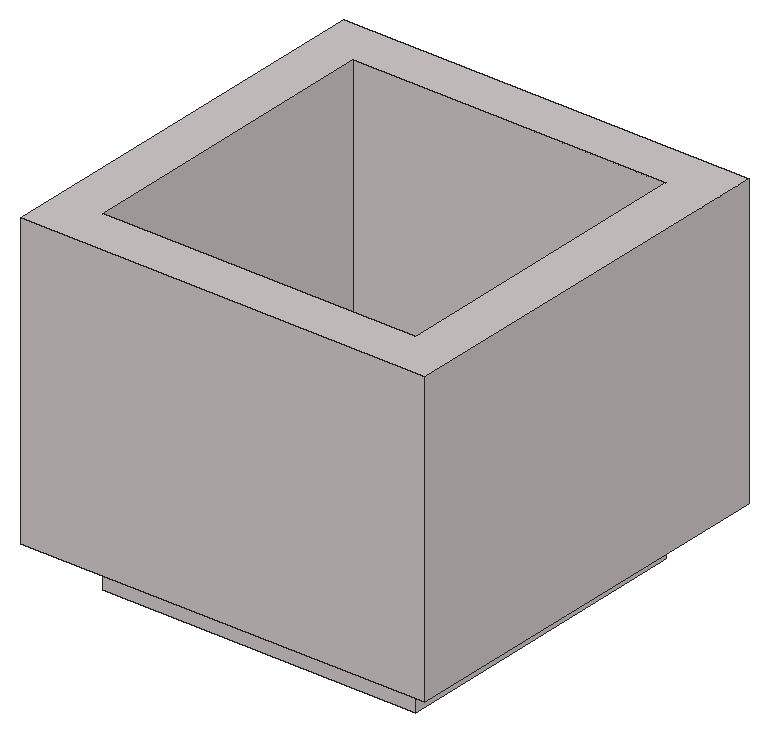
Revit family
Parameters (values of type "0900 x 0900mm")
  Material = Concrete - Precast Concrete
  Depth = 900.00 mm
  Height = 750.00 mm
  Width = 900.00 mm
Types (3, lengths in mm): name | Depth | Width
  (no name) | 900.00 | 900.00
  1200 x 1200mm | 1200.00 | 1200.00
  0900 x 0900mm | 900.00 | 900.00
Reference planes
  plane 1 "Center (Front/Back)": y = 0
  plane 2: z = 0
  plane 3 "Center (Left/Right)": x = 0
  plane 4: y = 450
  plane 5: y = -450
  plane 6: x = 450
  plane 7: x = -450
  plane 8: z = 750
  plane 9: z = 101.6
  plane 10: z = 203.2
Forms (mm)
  Extrusion 1, solid, material "Concrete - Precast Concrete" <- "Material"
    sketch origin (0, 0, 0) x (1, 0, 0) y (0, 1, 0)
      loop
        line (-450, 450) -> (-450, -450) -> (450, -450) -> (450, 450) -> (-450, 450)
    from 101.6 to 750
  Extrusion 2, solid, material "Concrete - Precast Concrete" <- "Material"
    sketch origin (0, 0, 0) x (1, 0, 0) y (0, 1, 0)
      loop
        line (-348.4, 348.4) -> (-348.4, -348.4) -> (348.4, -348.4) -> (348.4, 348.4) -> (-348.4, 348.4)
    from 0 to 101.6
  Extrusion 3, void
    sketch origin (0, 0, 0) x (1, 0, 0) y (0, 1, 0)
      loop
        line (-348.4, 348.4) -> (-348.4, -348.4) -> (348.4, -348.4) -> (348.4, 348.4) -> (-348.4, 348.4)
    from 203.2 to 750
Cuts and joins
  Extrusion 3 cuts Extrusion 1
  Extrusion 3 cuts Extrusion 2
Lines and regions (mm)
  symbolic lines, style "Site Accessories"
    curve 1: line (-450, 450, 0) -> (450, 450, 0)
    curve 2: line (-450, -450, 0) -> (-450, 450, 0)
    curve 3: line (450, -450, 0) -> (-450, -450, 0)
    curve 4: line (450, 450, 0) -> (450, -450, 0)
    curve 5: line (348.4, 348.4, 0) -> (-348.4, 348.4, 0)
    curve 6: line (348.4, -348.4, 0) -> (348.4, 348.4, 0)
    curve 7: line (-348.4, -348.4, 0) -> (348.4, -348.4, 0)
    curve 8: line (-348.4, 348.4, 0) -> (-348.4, -348.4, 0)
Dimensions and locks
  equal spacing: plane 7, plane 3 "Center (Left/Right)", plane 6
  "Width": plane 7 to plane 6
  equal spacing: plane 5, plane 1 "Center (Front/Back)", plane 4
  "Depth": plane 5 to plane 4
  "Height": plane 8 to plane 2
  locked: plane 9 to plane 2 at 101.6
  locked: plane 10 to plane 9 at 101.6
  aligned and locked: plane 7 to Extrusion 1 sketch curve
  aligned and locked: plane 4 to Extrusion 1 sketch curve
  aligned and locked: plane 5 to Extrusion 1 sketch curve
  aligned and locked: plane 6 to Extrusion 1 sketch curve
  aligned and locked: plane 8 to Extrusion 1
  aligned and locked: plane 9 to Extrusion 1
  aligned and locked: Extrusion 2 to plane 9
  aligned and locked: Extrusion 3 sketch curve to cut or joined group of Extrusion 2, Extrusion 3  (x4)
  aligned and locked: plane 8 to Extrusion 3
  aligned and locked: plane 10 to Extrusion 3
  aligned and locked: curve 1 to cut or joined group of Extrusion 1, Extrusion 3  (x2)
  aligned and locked: curve 4 to cut or joined group of Extrusion 1, Extrusion 3  (x2)
  aligned and locked: curve 5 to cut or joined group of Extrusion 1, Extrusion 3  (x2)
  aligned and locked: curve 8 to cut or joined group of Extrusion 1, Extrusion 3  (x2)
Automatic sketch dimensions
  Extrusion 2 sketch curve to plane 5 = 101.60 mm
  Extrusion 2 sketch curve to plane 7 = 101.60 mm
  plane 6 to Extrusion 2 sketch curve = 101.60 mm
  plane 4 to Extrusion 2 sketch curve = 101.60 mm
